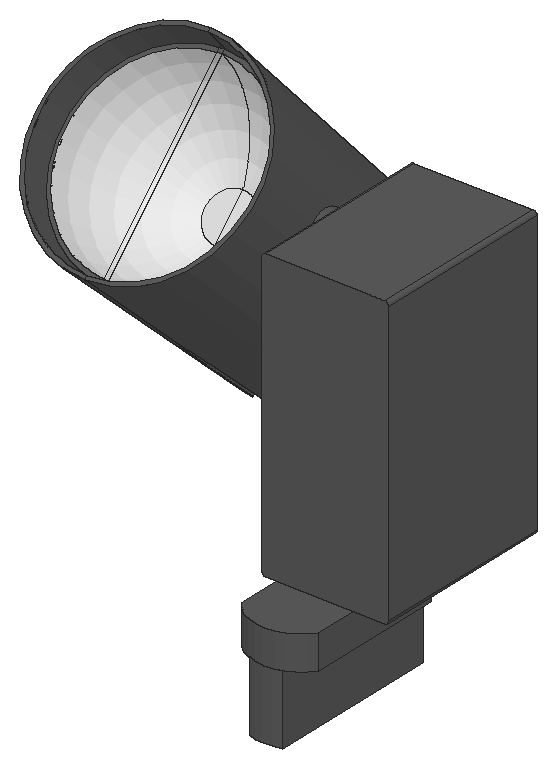
Revit family "0004888 Feilo Sylvania Lighting Fixture START TRACK SPOT S 24W 3K RA90 WB BLACK", category Lighting Fixtures, host Face, Revit 2017 (continued)
Definition of nested family "Start Track Spot Head"
  Types (96, lengths in mm): name | Wattage | built-in parameter 1150134 | Photometric Web File | Model | built-in parameter 1150105 | Lumens | built-in parameter 1150107 | built-in parameter 1150106 | HeadThickness_FEILO | HeadRibOffset_FEILO | HeadRibDepth_FEILO | HeadRibCutWidth_FEILO | HeadRibCutOffset_FEILO | HeadReflectorRadius_FEILO | HeadReflectorOffset_FEILO | HeadLEDRadius_FEILO | HeadHeight_FEILO | HeadDiffusorOffset_FEILO | HeadDiaOut_FEILO | HeadDiaIn_FEILO | HeadAxisFromTop_FEILO | Emit from Circle Diameter | built-in parameter 1150104 | Description | Apparent Load
    0004864 START TRACK SPOT S 24W 3K RA90 WB WHITE | 24 W | (empty or 0) | "0004864.ies" | "START TRACK SPOT S 24W 3K RA90 WB WHITE" | 152.79 (stored number, unit not read) | 1920 lm | 3000 (stored number, unit not read) | 1.5279 (stored number, unit not read) | 1.5 | 4.179 | 55.714 | 7.167 | 50.87 | 50.588 | 55.714 | 9.556 | 117 | 9.435 | 86 | 77.477 | 69.354 | 77.477 | 7.4322 (stored number, unit not read) | "Integrated LED spotlight, Textured White - RAL9016, compact and minimalist design, ideal for retail applications, die-cast aluminium body, passive cooling heatsink. Beam angle: 64°, color temperature: 3000K , total system power: 24W, total fixture output: 1928 lm, LOR: 100%, colour rendering: Ra: 90 typical, LED Chromaticity: 3 step MacAdam ellipse, lifetime: >50000 hours at L70B50, energy class: A++, A+, A, IR/UV free light source without heat radiation, operating voltage: 220-240V / 50-60Hz, drive current: 600mA, electronic driver, non-dimmable, power factor: 0.95, electrical protection: Class II, Global Track 3 Phase adapter suitable for Global trac 3-circuit tracks, ingress protection rating: IP20, suitable for internal environment only, horizontal rotation: 355°, vertical tilt: 90°, dimensions: Ø86x140x200, weight: 0.966kg." | 24 VA
    0004863 START TRACK SPOT S 24W 3K RA90 MB WHITE | 24 W | (empty or 0) | "0004863.ies" | "START TRACK SPOT S 24W 3K RA90 MB WHITE" | 154.7 (stored number, unit not read) | 1944 lm | 3000 (stored number, unit not read) | 1.547 (stored number, unit not read) | 1.5 | 4.179 | 55.714 | 7.167 | 50.87 | 50.588 | 55.714 | 9.556 | 117 | 9.435 | 86 | 77.477 | 69.354 | 77.477 | 7.5251 (stored number, unit not read) | "Integrated LED spotlight, Textured White - RAL9016, compact and minimalist design, ideal for retail applications, die-cast aluminium body, passive cooling heatsink. Beam angle: 36°, color temperature: 3000K , total system power: 24W, total fixture output: 1944 lm, LOR: 100%, colour rendering: Ra: 90 typical, LED Chromaticity: 3 step MacAdam ellipse, lifetime: >50000 hours at L70B50, energy class: A++, A+, A, IR/UV free light source without heat radiation, operating voltage: 220-240V / 50-60Hz, drive current: 600mA, electronic driver, non-dimmable, power factor: 0.95, electrical protection: Class II, Global Track 3 Phase adapter suitable for Global trac 3-circuit tracks, ingress protection rating: IP20, suitable for internal environment only, horizontal rotation: 355°, vertical tilt: 90°, dimensions: Ø86x140x200, weight: 0.966kg." | 24 VA
    0004862 START TRACK SPOT S 24W 3K RA90 NB WHITE | 24 W | (empty or 0) | "0004862.ies" | "START TRACK SPOT S 24W 3K RA90 NB WHITE" | 158.52 (stored number, unit not read) | 1992 lm | 3000 (stored number, unit not read) | 1.5852 (stored number, unit not read) | 1.5 | 4.179 | 55.714 | 7.167 | 50.87 | 50.588 | 55.714 | 9.556 | 117 | 9.435 | 86 | 77.477 | 69.354 | 77.477 | 7.711 (stored number, unit not read) | "Integrated LED spotlight, Textured White - RAL9016, compact and minimalist design, ideal for retail applications, die-cast aluminium body, passive cooling heatsink. Beam angle: 12°, color temperature: 3000K , total system power: 24W, total fixture output: 1987 lm, LOR: 100%, colour rendering: Ra: 90 typical, LED Chromaticity: 3 step MacAdam ellipse, lifetime: >50000 hours at L70B50, energy class: A++, A+, A, IR/UV free light source without heat radiation, operating voltage: 220-240V / 50-60Hz, drive current: 600mA, electronic driver, non-dimmable, power factor: 0.95, electrical protection: Class II, Global Track 3 Phase adapter suitable for Global trac 3-circuit tracks, ingress protection rating: IP20, suitable for internal environment only, horizontal rotation: 355°, vertical tilt: 90°, dimensions: Ø86x140x200, weight: 0.966kg." | 24 VA
    0004861 START TRACK SPOT S 14W 3K RA90 WB WHITE | 14 W | (empty or 0) | "0004861.ies" | "START TRACK SPOT S 14W 3K RA90 WB WHITE" | 100.27 (stored number, unit not read) | 1260 lm | 3000 (stored number, unit not read) | 1.0027 (stored number, unit not read) | 1.5 | 4.179 | 55.714 | 7.167 | 50.87 | 50.588 | 55.714 | 9.556 | 117 | 9.435 | 86 | 77.477 | 69.354 | 77.477 | 8.3613 (stored number, unit not read) | "Integrated LED spotlight, Textured White - RAL9016, compact and minimalist design, ideal for retail applications, die-cast aluminium body, passive cooling heatsink. Beam angle: 64°, color temperature: 3000K , total system power: 14W, total fixture output: 1262 lm, LOR: 100%, colour rendering: Ra: 90 typical, LED Chromaticity: 3 step MacAdam ellipse, lifetime: >50000 hours at L70B50, energy class: A++, A+, A, IR/UV free light source without heat radiation, operating voltage: 220-240V / 50-60Hz, drive current: 350mA, electronic driver, non-dimmable, power factor: 0.92, electrical protection: Class II, Global Track 3 Phase adapter suitable for Global trac 3-circuit tracks, ingress protection rating: IP20, suitable for internal environment only, horizontal rotation: 355°, vertical tilt: 90°, dimensions: Ø86x140x200, weight: 0.940kg." | 14 VA
    0004860 START TRACK SPOT S 14W 3K RA90 MB WHITE | 14 W | (empty or 0) | "0004860.ies" | "START TRACK SPOT S 14W 3K RA90 MB WHITE" | 100.27 (stored number, unit not read) | 1260 lm | 3000 (stored number, unit not read) | 1.0027 (stored number, unit not read) | 1.5 | 4.179 | 55.714 | 7.167 | 50.87 | 50.588 | 55.714 | 9.556 | 117 | 9.435 | 86 | 77.477 | 69.354 | 77.477 | 8.3613 (stored number, unit not read) | "Integrated LED spotlight, Textured White - RAL9016, compact and minimalist design, ideal for retail applications, die-cast aluminium body, passive cooling heatsink. Beam angle: 36°, color temperature: 3000K , total system power: 14W, total fixture output: 1262 lm, LOR: 100%, colour rendering: Ra: 90 typical, LED Chromaticity: 3 step MacAdam ellipse, lifetime: >50000 hours at L70B50, energy class: A++, A+, A, IR/UV free light source without heat radiation, operating voltage: 220-240V / 50-60Hz, drive current: 350mA, electronic driver, non-dimmable, power factor: 0.92, electrical protection: Class II, Global Track 3 Phase adapter suitable for Global trac 3-circuit tracks, ingress protection rating: IP20, suitable for internal environment only, horizontal rotation: 355°, vertical tilt: 90°, dimensions: Ø86x140x200, weight: 0.940kg." | 14 VA
    0004859 START TRACK SPOT S 14W 3K RA90 NB WHITE | 14 W | (empty or 0) | "0004859.ies" | "START TRACK SPOT S 14W 3K RA90 NB WHITE" | 102.5 (stored number, unit not read) | 1288 lm | 3000 (stored number, unit not read) | 1.025 (stored number, unit not read) | 1.5 | 4.179 | 55.714 | 7.167 | 50.87 | 50.588 | 55.714 | 9.556 | 117 | 9.435 | 86 | 77.477 | 69.354 | 77.477 | 8.5471 (stored number, unit not read) | "Integrated LED spotlight, Textured White - RAL9016, compact and minimalist design, ideal for retail applications, die-cast aluminium body, passive cooling heatsink. Beam angle: 12°, color temperature: 3000K , total system power: 14W, total fixture output: 1284 lm, LOR: 100%, colour rendering: Ra: 90 typical, LED Chromaticity: 3 step MacAdam ellipse, lifetime: >50000 hours at L70B50, energy class: A++, A+, A, IR/UV free light source without heat radiation, operating voltage: 220-240V / 50-60Hz, drive current: 350mA, electronic driver, non-dimmable, power factor: 0.92, electrical protection: Class II, Global Track 3 Phase adapter suitable for Global trac 3-circuit tracks, ingress protection rating: IP20, suitable for internal environment only, horizontal rotation: 355°, vertical tilt: 90°, dimensions: Ø86x140x200, weight: 0.940kg." | 14 VA
    0004858 START TRACK SPOT L 55W 4K RA80 WB BLACK | 55 W | 12 | "0004858.ies" | "START TRACK SPOT L 55W 4K RA80 WB BLACK" | 424.55 (stored number, unit not read) | 5335 lm | 4000 (stored number, unit not read) | 4.2455 (stored number, unit not read) | 2 | 4.429 | 59.048 | 9.417 | 53.913 | 66.471 | 59.048 | 12.556 | 124 | 10 | 113 | 101.802 | 73.503 | 101.802 | 9.0116 (stored number, unit not read) | "Integrated LED spotlight, Textured Black - RAL9005, compact and minimalist design, ideal for retail applications, die-cast aluminium body, passive cooling heatsink. Beam angle: 52°, color temperature: 4000K , total system power: 55W, total fixture output: 5320 lm, LOR: 100%, colour rendering: Ra: 80 typical, LED Chromaticity: 3 step MacAdam ellipse, lifetime: >50000 hours at L70B50, energy class: A++, A+, A, IR/UV free light source without heat radiation, operating voltage: 220-240V / 50-60Hz, drive current: 1400mA, electronic driver, non-dimmable, power factor: 0.96, electrical protection: Class II, Global Track 3 Phase adapter suitable for Global trac 3-circuit tracks, ingress protection rating: IP20, suitable for internal environment only, horizontal rotation: 355°, vertical tilt: 90°, dimensions: Ø113x164x240, weight: 1.398kg." | 55 VA
    0004857 START TRACK SPOT L 55W 4K RA80 MB BLACK | 55 W | 12 | "0004857.ies" | "START TRACK SPOT L 55W 4K RA80 MB BLACK" | 428.92 (stored number, unit not read) | 5390 lm | 4000 (stored number, unit not read) | 4.2892 (stored number, unit not read) | 2 | 4.429 | 59.048 | 9.417 | 53.913 | 66.471 | 59.048 | 12.556 | 124 | 10 | 113 | 101.802 | 73.503 | 101.802 | 9.1045 (stored number, unit not read) | "Integrated LED spotlight, Textured Black - RAL9005, compact and minimalist design, ideal for retail applications, die-cast aluminium body, passive cooling heatsink. Beam angle: 38°, color temperature: 4000K , total system power: 55W, total fixture output: 5378 lm, LOR: 100%, colour rendering: Ra: 80 typical, LED Chromaticity: 3 step MacAdam ellipse, lifetime: >50000 hours at L70B50, energy class: A++, A+, A, IR/UV free light source without heat radiation, operating voltage: 220-240V / 50-60Hz, drive current: 1400mA, electronic driver, non-dimmable, power factor: 0.96, electrical protection: Class II, Global Track 3 Phase adapter suitable for Global trac 3-circuit tracks, ingress protection rating: IP20, suitable for internal environment only, horizontal rotation: 355°, vertical tilt: 90°, dimensions: Ø113x164x240, weight: 1.398kg." | 55 VA
    0004856 START TRACK SPOT L 55W 4K RA80 NB BLACK | 55 W | 12 | "0004856.ies" | "START TRACK SPOT L 55W 4K RA80 NB BLACK" | 433.3 (stored number, unit not read) | 5445 lm | 4000 (stored number, unit not read) | 4.333 (stored number, unit not read) | 2 | 4.429 | 59.048 | 9.417 | 53.913 | 66.471 | 59.048 | 12.556 | 124 | 10 | 113 | 101.802 | 73.503 | 101.802 | 9.1974 (stored number, unit not read) | "Integrated LED spotlight, Textured Black - RAL9005, compact and minimalist design, ideal for retail applications, die-cast aluminium body, passive cooling heatsink. Beam angle: 15°, color temperature: 4000K , total system power: 55W, total fixture output: 5426 lm, LOR: 100%, colour rendering: Ra: 80 typical, LED Chromaticity: 3 step MacAdam ellipse, lifetime: >50000 hours at L70B50, energy class: A++, A+, A, IR/UV free light source without heat radiation, operating voltage: 220-240V / 50-60Hz, drive current: 1400mA, electronic driver, non-dimmable, power factor: 0.96, electrical protection: Class II, Global Track 3 Phase adapter suitable for Global trac 3-circuit tracks, ingress protection rating: IP20, suitable for internal environment only, horizontal rotation: 355°, vertical tilt: 90°, dimensions: Ø113x164x240, weight: 1.398kg." | 55 VA
    0004855 START TRACK SPOT L 35W 4K RA80 WB BLACK | 35 W | 12 | "0004855.ies" | "START TRACK SPOT L 35W 4K RA80 WB BLACK" | 320.3 (stored number, unit not read) | 4025 lm | 4000 (stored number, unit not read) | 3.203 (stored number, unit not read) | 2 | 4.429 | 59.048 | 9.417 | 53.913 | 66.471 | 59.048 | 12.556 | 124 | 10 | 113 | 101.802 | 73.503 | 101.802 | 10.684 (stored number, unit not read) | "Integrated LED spotlight, Textured Black - RAL9005, compact and minimalist design, ideal for retail applications, die-cast aluminium body, passive cooling heatsink. Beam angle: 52°, color temperature: 4000K , total system power: 35W, total fixture output: 4010 lm, LOR: 100%, colour rendering: Ra: 80 typical, LED Chromaticity: 3 step MacAdam ellipse, lifetime: >50000 hours at L70B50, energy class: A++, A+, A, IR/UV free light source without heat radiation, operating voltage: 220-240V / 50-60Hz, drive current: 900mA, electronic driver, non-dimmable, power factor: 0.93, electrical protection: Class II, Global Track 3 Phase adapter suitable for Global trac 3-circuit tracks, ingress protection rating: IP20, suitable for internal environment only, horizontal rotation: 355°, vertical tilt: 90°, dimensions: Ø113x164x240, weight: 1.368kg." | 35 VA
    0004854 START TRACK SPOT L 35W 4K RA80 MB BLACK | 35 W | 12 | "0004854.ies" | "START TRACK SPOT L 35W 4K RA80 MB BLACK" | 320.3 (stored number, unit not read) | 4025 lm | 4000 (stored number, unit not read) | 3.203 (stored number, unit not read) | 2 | 4.429 | 59.048 | 9.417 | 53.913 | 66.471 | 59.048 | 12.556 | 124 | 10 | 113 | 101.802 | 73.503 | 101.802 | 10.684 (stored number, unit not read) | "Integrated LED spotlight, Textured Black - RAL9005, compact and minimalist design, ideal for retail applications, die-cast aluminium body, passive cooling heatsink. Beam angle: 38°, color temperature: 4000K , total system power: 35W, total fixture output: 4017 lm, LOR: 100%, colour rendering: Ra: 80 typical, LED Chromaticity: 3 step MacAdam ellipse, lifetime: >50000 hours at L70B50, energy class: A++, A+, A, IR/UV free light source without heat radiation, operating voltage: 220-240V / 50-60Hz, drive current: 900mA, electronic driver, non-dimmable, power factor: 0.93, electrical protection: Class II, Global Track 3 Phase adapter suitable for Global trac 3-circuit tracks, ingress protection rating: IP20, suitable for internal environment only, horizontal rotation: 355°, vertical tilt: 90°, dimensions: Ø113x164x240, weight: 1.368kg." | 35 VA
    0004853 START TRACK SPOT L 35W 4K RA80 NB BLACK | 35 W | 12 | "0004853.ies" | "START TRACK SPOT L 35W 4K RA80 NB BLACK" | 331.44 (stored number, unit not read) | 4165 lm | 4000 (stored number, unit not read) | 3.3144 (stored number, unit not read) | 2 | 4.429 | 59.048 | 9.417 | 53.913 | 66.471 | 59.048 | 12.556 | 124 | 10 | 113 | 101.802 | 73.503 | 101.802 | 11.055 (stored number, unit not read) | "Integrated LED spotlight, Textured Black - RAL9005, compact and minimalist design, ideal for retail applications, die-cast aluminium body, passive cooling heatsink. Beam angle: 15°, color temperature: 4000K , total system power: 35W, total fixture output: 4174 lm, LOR: 100%, colour rendering: Ra: 80 typical, LED Chromaticity: 3 step MacAdam ellipse, lifetime: >50000 hours at L70B50, energy class: A++, A+, A, IR/UV free light source without heat radiation, operating voltage: 220-240V / 50-60Hz, drive current: 900mA, electronic driver, non-dimmable, power factor: 0.93, electrical protection: Class II, Global Track 3 Phase adapter suitable for Global trac 3-circuit tracks, ingress protection rating: IP20, suitable for internal environment only, horizontal rotation: 355°, vertical tilt: 90°, dimensions: Ø113x164x240, weight: 1.368kg." | 35 VA
    0004852 START TRACK SPOT S 24W 4K RA80 WB BLACK | 24 W | 12 | "0004852.ies" | "START TRACK SPOT S 24W 4K RA80 WB BLACK" | 196.72 (stored number, unit not read) | 2472 lm | 4000 (stored number, unit not read) | 1.9672 (stored number, unit not read) | 1.5 | 4.179 | 55.714 | 7.167 | 50.87 | 50.588 | 55.714 | 9.556 | 117 | 9.435 | 86 | 77.477 | 69.354 | 77.477 | 9.569 (stored number, unit not read) | "Integrated LED spotlight, Textured Black - RAL9005, compact and minimalist design, ideal for retail applications, die-cast aluminium body, passive cooling heatsink. Beam angle: 64°, color temperature: 4000K , total system power: 24W, total fixture output: 2476 lm, LOR: 100%, colour rendering: Ra: 80 typical, LED Chromaticity: 3 step MacAdam ellipse, lifetime: >50000 hours at L70B50, energy class: A++, A+, A, IR/UV free light source without heat radiation, operating voltage: 220-240V / 50-60Hz, drive current: 600mA, electronic driver, non-dimmable, power factor: 0.95, electrical protection: Class II, Global Track 3 Phase adapter suitable for Global trac 3-circuit tracks, ingress protection rating: IP20, suitable for internal environment only, horizontal rotation: 355°, vertical tilt: 90°, dimensions: Ø86x140x200, weight: 0.966kg." | 24 VA
    0004851 START TRACK SPOT S 24W 4K RA80 MB BLACK | 24 W | 12 | "0004851.ies" | "START TRACK SPOT S 24W 4K RA80 MB BLACK" | 198.63 (stored number, unit not read) | 2496 lm | 4000 (stored number, unit not read) | 1.9863 (stored number, unit not read) | 1.5 | 4.179 | 55.714 | 7.167 | 50.87 | 50.588 | 55.714 | 9.556 | 117 | 9.435 | 86 | 77.477 | 69.354 | 77.477 | 9.6619 (stored number, unit not read) | "Integrated LED spotlight, Textured Black - RAL9005, compact and minimalist design, ideal for retail applications, die-cast aluminium body, passive cooling heatsink. Beam angle: 36°, color temperature: 4000K , total system power: 24W, total fixture output: 2487 lm, LOR: 100%, colour rendering: Ra: 80 typical, LED Chromaticity: 3 step MacAdam ellipse, lifetime: >50000 hours at L70B50, energy class: A++, A+, A, IR/UV free light source without heat radiation, operating voltage: 220-240V / 50-60Hz, drive current: 600mA, electronic driver, non-dimmable, power factor: 0.95, electrical protection: Class II, Global Track 3 Phase adapter suitable for Global trac 3-circuit tracks, ingress protection rating: IP20, suitable for internal environment only, horizontal rotation: 355°, vertical tilt: 90°, dimensions: Ø86x140x200, weight: 0.966kg." | 24 VA
    0004850 START TRACK SPOT S 24W 4K RA80 NB BLACK | 24 W | 12 | "0004850.ies" | "START TRACK SPOT S 24W 4K RA80 NB BLACK" | 200.54 (stored number, unit not read) | 2520 lm | 4000 (stored number, unit not read) | 2.0054 (stored number, unit not read) | 1.5 | 4.179 | 55.714 | 7.167 | 50.87 | 50.588 | 55.714 | 9.556 | 117 | 9.435 | 86 | 77.477 | 69.354 | 77.477 | 9.7548 (stored number, unit not read) | "Integrated LED spotlight, Textured Black - RAL9005, compact and minimalist design, ideal for retail applications, die-cast aluminium body, passive cooling heatsink. Beam angle: 12°, color temperature: 4000K , total system power: 24W, total fixture output: 2529 lm, LOR: 100%, colour rendering: Ra: 80 typical, LED Chromaticity: 3 step MacAdam ellipse, lifetime: >50000 hours at L70B50, energy class: A++, A+, A, IR/UV free light source without heat radiation, operating voltage: 220-240V / 50-60Hz, drive current: 600mA, electronic driver, non-dimmable, power factor: 0.95, electrical protection: Class II, Global Track 3 Phase adapter suitable for Global trac 3-circuit tracks, ingress protection rating: IP20, suitable for internal environment only, horizontal rotation: 355°, vertical tilt: 90°, dimensions: Ø86x140x200, weight: 0.966kg." | 24 VA
    0004849 START TRACK SPOT S 14W 4K RA80 WB BLACK | 14 W | 12 | "0004849.ies" | "START TRACK SPOT S 14W 4K RA80 WB BLACK" | 123.66 (stored number, unit not read) | 1554 lm | 4000 (stored number, unit not read) | 1.2366 (stored number, unit not read) | 1.5 | 4.179 | 55.714 | 7.167 | 50.87 | 50.588 | 55.714 | 9.556 | 117 | 9.435 | 86 | 77.477 | 69.354 | 77.477 | 10.312 (stored number, unit not read) | "Integrated LED spotlight, Textured Black - RAL9005, compact and minimalist design, ideal for retail applications, die-cast aluminium body, passive cooling heatsink. Beam angle: 64°, color temperature: 4000K , total system power: 14W, total fixture output: 1558 lm, LOR: 100%, colour rendering: Ra: 80 typical, LED Chromaticity: 3 step MacAdam ellipse, lifetime: >50000 hours at L70B50, energy class: A++, A+, A, IR/UV free light source without heat radiation, operating voltage: 220-240V / 50-60Hz, drive current: 350mA, electronic driver, non-dimmable, power factor: 0.92, electrical protection: Class II, Global Track 3 Phase adapter suitable for Global trac 3-circuit tracks, ingress protection rating: IP20, suitable for internal environment only, horizontal rotation: 355°, vertical tilt: 90°, dimensions: Ø86x140x200, weight: 0.940kg." | 14 VA
    0004848 START TRACK SPOT S 14W 4K RA80 MB BLACK | 14 W | 12 | "0004848.ies" | "START TRACK SPOT S 14W 4K RA80 MB BLACK" | 127.01 (stored number, unit not read) | 1596 lm | 4000 (stored number, unit not read) | 1.2701 (stored number, unit not read) | 1.5 | 4.179 | 55.714 | 7.167 | 50.87 | 50.588 | 55.714 | 9.556 | 117 | 9.435 | 86 | 77.477 | 69.354 | 77.477 | 10.591 (stored number, unit not read) | "Integrated LED spotlight, Textured Black - RAL9005, compact and minimalist design, ideal for retail applications, die-cast aluminium body, passive cooling heatsink. Beam angle: 36°, color temperature: 4000K , total system power: 14W, total fixture output: 1598 lm, LOR: 100%, colour rendering: Ra: 80 typical, LED Chromaticity: 3 step MacAdam ellipse, lifetime: >50000 hours at L70B50, energy class: A++, A+, A, IR/UV free light source without heat radiation, operating voltage: 220-240V / 50-60Hz, drive current: 350mA, electronic driver, non-dimmable, power factor: 0.92, electrical protection: Class II, Global Track 3 Phase adapter suitable for Global trac 3-circuit tracks, ingress protection rating: IP20, suitable for internal environment only, horizontal rotation: 355°, vertical tilt: 90°, dimensions: Ø86x140x200, weight: 0.940kg." | 14 VA
    0004847 START TRACK SPOT S 14W 4K RA80 NB BLACK | 14 W | 12 | "0004847.ies" | "START TRACK SPOT S 14W 4K RA80 NB BLACK" | 128.12 (stored number, unit not read) | 1610 lm | 4000 (stored number, unit not read) | 1.2812 (stored number, unit not read) | 1.5 | 4.179 | 55.714 | 7.167 | 50.87 | 50.588 | 55.714 | 9.556 | 117 | 9.435 | 86 | 77.477 | 69.354 | 77.477 | 10.684 (stored number, unit not read) | "Integrated LED spotlight, Textured Black - RAL9005, compact and minimalist design, ideal for retail applications, die-cast aluminium body, passive cooling heatsink. Beam angle: 12°, color temperature: 4000K , total system power: 14W, total fixture output: 1608 lm, LOR: 100%, colour rendering: Ra: 80 typical, LED Chromaticity: 3 step MacAdam ellipse, lifetime: >50000 hours at L70B50, energy class: A++, A+, A, IR/UV free light source without heat radiation, operating voltage: 220-240V / 50-60Hz, drive current: 350mA, electronic driver, non-dimmable, power factor: 0.92, electrical protection: Class II, Global Track 3 Phase adapter suitable for Global trac 3-circuit tracks, ingress protection rating: IP20, suitable for internal environment only, horizontal rotation: 355°, vertical tilt: 90°, dimensions: Ø86x140x200, weight: 0.940kg." | 14 VA
    0004846 START TRACK SPOT L 55W 3K RA80 WB BLACK | 55 W | (empty or 0) | "0004846.ies" | "START TRACK SPOT L 55W 3K RA80 WB BLACK" | 420.17 (stored number, unit not read) | 5280 lm | 3000 (stored number, unit not read) | 4.2017 (stored number, unit not read) | 2 | 4.429 | 59.048 | 9.417 | 53.913 | 66.471 | 59.048 | 12.556 | 124 | 10 | 113 | 101.802 | 73.503 | 101.802 | 8.9187 (stored number, unit not read) | "Integrated LED spotlight, Textured Black - RAL9005, compact and minimalist design, ideal for retail applications, die-cast aluminium body, passive cooling heatsink. Beam angle: 52°, color temperature: 3000K , total system power: 55W, total fixture output: 5298 lm, LOR: 100%, colour rendering: Ra: 80 typical, LED Chromaticity: 3 step MacAdam ellipse, lifetime: >50000 hours at L70B50, energy class: A++, A+, A, IR/UV free light source without heat radiation, operating voltage: 220-240V / 50-60Hz, drive current: 1400mA, electronic driver, non-dimmable, power factor: 0.96, electrical protection: Class II, Global Track 3 Phase adapter suitable for Global trac 3-circuit tracks, ingress protection rating: IP20, suitable for internal environment only, horizontal rotation: 355°, vertical tilt: 90°, dimensions: Ø113x164x240, weight: 1.398kg." | 55 VA
    0004845 START TRACK SPOT L 55W 3K RA80 MB BLACK | 55 W | (empty or 0) | "0004845.ies" | "START TRACK SPOT L 55W 3K RA80 MB BLACK" | 428.92 (stored number, unit not read) | 5390 lm | 3000 (stored number, unit not read) | 4.2892 (stored number, unit not read) | 2 | 4.429 | 59.048 | 9.417 | 53.913 | 66.471 | 59.048 | 12.556 | 124 | 10 | 113 | 101.802 | 73.503 | 101.802 | 9.1045 (stored number, unit not read) | "Integrated LED spotlight, Textured Black - RAL9005, compact and minimalist design, ideal for retail applications, die-cast aluminium body, passive cooling heatsink. Beam angle: 38°, color temperature: 3000K , total system power: 55W, total fixture output: 5381 lm, LOR: 100%, colour rendering: Ra: 80 typical, LED Chromaticity: 3 step MacAdam ellipse, lifetime: >50000 hours at L70B50, energy class: A++, A+, A, IR/UV free light source without heat radiation, operating voltage: 220-240V / 50-60Hz, drive current: 1400mA, electronic driver, non-dimmable, power factor: 0.96, electrical protection: Class II, Global Track 3 Phase adapter suitable for Global trac 3-circuit tracks, ingress protection rating: IP20, suitable for internal environment only, horizontal rotation: 355°, vertical tilt: 90°, dimensions: Ø113x164x240, weight: 1.398kg." | 55 VA
    0004844 START TRACK SPOT L 55W 3K RA80 NB BLACK | 55 W | (empty or 0) | "0004844.ies" | "START TRACK SPOT L 55W 3K RA80 NB BLACK" | 433.3 (stored number, unit not read) | 5445 lm | 3000 (stored number, unit not read) | 4.333 (stored number, unit not read) | 2 | 4.429 | 59.048 | 9.417 | 53.913 | 66.471 | 59.048 | 12.556 | 124 | 10 | 113 | 101.802 | 73.503 | 101.802 | 9.1974 (stored number, unit not read) | "Integrated LED spotlight, Textured Black - RAL9005, compact and minimalist design, ideal for retail applications, die-cast aluminium body, passive cooling heatsink. Beam angle: 15°, color temperature: 3000K , total system power: 55W, total fixture output: 5449 lm, LOR: 100%, colour rendering: Ra: 80 typical, LED Chromaticity: 3 step MacAdam ellipse, lifetime: >50000 hours at L70B50, energy class: A++, A+, A, IR/UV free light source without heat radiation, operating voltage: 220-240V / 50-60Hz, drive current: 1400mA, electronic driver, non-dimmable, power factor: 0.96, electrical protection: Class II, Global Track 3 Phase adapter suitable for Global trac 3-circuit tracks, ingress protection rating: IP20, suitable for internal environment only, horizontal rotation: 355°, vertical tilt: 90°, dimensions: Ø113x164x240, weight: 1.398kg." | 55 VA
    0004843 START TRACK SPOT L 35W 3K RA80 WB BLACK | 35 W | (empty or 0) | "0004843.ies" | "START TRACK SPOT L 35W 3K RA80 WB BLACK" | 314.73 (stored number, unit not read) | 3955 lm | 3000 (stored number, unit not read) | 3.1473 (stored number, unit not read) | 2 | 4.429 | 59.048 | 9.417 | 53.913 | 66.471 | 59.048 | 12.556 | 124 | 10 | 113 | 101.802 | 73.503 | 101.802 | 10.498 (stored number, unit not read) | "Integrated LED spotlight, Textured Black - RAL9005, compact and minimalist design, ideal for retail applications, die-cast aluminium body, passive cooling heatsink. Beam angle: 52°, color temperature: 3000K , total system power: 35W, total fixture output: 3943 lm, LOR: 100%, colour rendering: Ra: 80 typical, LED Chromaticity: 3 step MacAdam ellipse, lifetime: >50000 hours at L70B50, energy class: A++, A+, A, IR/UV free light source without heat radiation, operating voltage: 220-240V / 50-60Hz, drive current: 900mA, electronic driver, non-dimmable, power factor: 0.93, electrical protection: Class II, Global Track 3 Phase adapter suitable for Global trac 3-circuit tracks, ingress protection rating: IP20, suitable for internal environment only, horizontal rotation: 355°, vertical tilt: 90°, dimensions: Ø113x164x240, weight: 1.368kg." | 35 VA
    0004842 START TRACK SPOT L 35W 3K RA80 MB BLACK | 35 W | (empty or 0) | "0004842.ies" | "START TRACK SPOT L 35W 3K RA80 MB BLACK" | 320.3 (stored number, unit not read) | 4025 lm | 3000 (stored number, unit not read) | 3.203 (stored number, unit not read) | 2 | 4.429 | 59.048 | 9.417 | 53.913 | 66.471 | 59.048 | 12.556 | 124 | 10 | 113 | 101.802 | 73.503 | 101.802 | 10.684 (stored number, unit not read) | "Integrated LED spotlight, Textured Black - RAL9005, compact and minimalist design, ideal for retail applications, die-cast aluminium body, passive cooling heatsink. Beam angle: 38°, color temperature: 3000K , total system power: 35W, total fixture output: 4008 lm, LOR: 100%, colour rendering: Ra: 80 typical, LED Chromaticity: 3 step MacAdam ellipse, lifetime: >50000 hours at L70B50, energy class: A++, A+, A, IR/UV free light source without heat radiation, operating voltage: 220-240V / 50-60Hz, drive current: 900mA, electronic driver, non-dimmable, power factor: 0.93, electrical protection: Class II, Global Track 3 Phase adapter suitable for Global trac 3-circuit tracks, ingress protection rating: IP20, suitable for internal environment only, horizontal rotation: 355°, vertical tilt: 90°, dimensions: Ø113x164x240, weight: 1.368kg." | 35 VA
    0004841 START TRACK SPOT L 35W 3K RA80 NB BLACK | 35 W | (empty or 0) | "0004841.ies" | "START TRACK SPOT L 35W 3K RA80 NB BLACK" | 317.51 (stored number, unit not read) | 3990 lm | 3000 (stored number, unit not read) | 3.1751 (stored number, unit not read) | 2 | 4.429 | 59.048 | 9.417 | 53.913 | 66.471 | 59.048 | 12.556 | 124 | 10 | 113 | 101.802 | 73.503 | 101.802 | 10.591 (stored number, unit not read) | "Integrated LED spotlight, Textured Black - RAL9005, compact and minimalist design, ideal for retail applications, die-cast aluminium body, passive cooling heatsink. Beam angle: 15°, color temperature: 3000K , total system power: 35W, total fixture output: 4005 lm, LOR: 100%, colour rendering: Ra: 80 typical, LED Chromaticity: 3 step MacAdam ellipse, lifetime: >50000 hours at L70B50, energy class: A++, A+, A, IR/UV free light source without heat radiation, operating voltage: 220-240V / 50-60Hz, drive current: 900mA, electronic driver, non-dimmable, power factor: 0.93, electrical protection: Class II, Global Track 3 Phase adapter suitable for Global trac 3-circuit tracks, ingress protection rating: IP20, suitable for internal environment only, horizontal rotation: 355°, vertical tilt: 90°, dimensions: Ø113x164x240, weight: 1.368kg." | 35 VA
    0004840 START TRACK SPOT S 24W 3K RA80 WB BLACK | 24 W | (empty or 0) | "0004840.ies" | "START TRACK SPOT S 24W 3K RA80 WB BLACK" | 185.26 (stored number, unit not read) | 2328 lm | 3000 (stored number, unit not read) | 1.8526 (stored number, unit not read) | 1.5 | 4.179 | 55.714 | 7.167 | 50.87 | 50.588 | 55.714 | 9.556 | 117 | 9.435 | 86 | 77.477 | 69.354 | 77.477 | 9.0116 (stored number, unit not read) | "Integrated LED spotlight, Textured Black - RAL9005, compact and minimalist design, ideal for retail applications, die-cast aluminium body, passive cooling heatsink. Beam angle: 64°, color temperature: 3000K , total system power: 24W, total fixture output: 2318 lm, LOR: 100%, colour rendering: Ra: 80 typical, LED Chromaticity: 3 step MacAdam ellipse, lifetime: >50000 hours at L70B50, energy class: A++, A+, A, IR/UV free light source without heat radiation, operating voltage: 220-240V / 50-60Hz, drive current: 600mA, electronic driver, non-dimmable, power factor: 0.95, electrical protection: Class II, Global Track 3 Phase adapter suitable for Global trac 3-circuit tracks, ingress protection rating: IP20, suitable for internal environment only, horizontal rotation: 355°, vertical tilt: 90°, dimensions: Ø86x140x200, weight: 0.966kg." | 24 VA
    0004839 START TRACK SPOT S 24W 3K RA80 MB BLACK | 24 W | (empty or 0) | "0004839.ies" | "START TRACK SPOT S 24W 3K RA80 MB BLACK" | 183.35 (stored number, unit not read) | 2304 lm | 3000 (stored number, unit not read) | 1.8335 (stored number, unit not read) | 1.5 | 4.179 | 55.714 | 7.167 | 50.87 | 50.588 | 55.714 | 9.556 | 117 | 9.435 | 86 | 77.477 | 69.354 | 77.477 | 8.9187 (stored number, unit not read) | "Integrated LED spotlight, Textured Black - RAL9005, compact and minimalist design, ideal for retail applications, die-cast aluminium body, passive cooling heatsink. Beam angle: 36°, color temperature: 3000K , total system power: 24W, total fixture output: 2314 lm, LOR: 100%, colour rendering: Ra: 80 typical, LED Chromaticity: 3 step MacAdam ellipse, lifetime: >50000 hours at L70B50, energy class: A++, A+, A, IR/UV free light source without heat radiation, operating voltage: 220-240V / 50-60Hz, drive current: 600mA, electronic driver, non-dimmable, power factor: 0.95, electrical protection: Class II, Global Track 3 Phase adapter suitable for Global trac 3-circuit tracks, ingress protection rating: IP20, suitable for internal environment only, horizontal rotation: 355°, vertical tilt: 90°, dimensions: Ø86x140x200, weight: 0.966kg." | 24 VA
    0004838 START TRACK SPOT S 24W 3K RA80 NB BLACK | 24 W | (empty or 0) | "0004838.ies" | "START TRACK SPOT S 24W 3K RA80 NB BLACK" | 185.26 (stored number, unit not read) | 2328 lm | 3000 (stored number, unit not read) | 1.8526 (stored number, unit not read) | 1.5 | 4.179 | 55.714 | 7.167 | 50.87 | 50.588 | 55.714 | 9.556 | 117 | 9.435 | 86 | 77.477 | 69.354 | 77.477 | 9.0116 (stored number, unit not read) | "Integrated LED spotlight, Textured Black - RAL9005, compact and minimalist design, ideal for retail applications, die-cast aluminium body, passive cooling heatsink. Beam angle: 12°, color temperature: 3000K , total system power: 24W, total fixture output: 2334 lm, LOR: 100%, colour rendering: Ra: 80 typical, LED Chromaticity: 3 step MacAdam ellipse, lifetime: >50000 hours at L70B50, energy class: A++, A+, A, IR/UV free light source without heat radiation, operating voltage: 220-240V / 50-60Hz, drive current: 600mA, electronic driver, non-dimmable, power factor: 0.95, electrical protection: Class II, Global Track 3 Phase adapter suitable for Global trac 3-circuit tracks, ingress protection rating: IP20, suitable for internal environment only, horizontal rotation: 355°, vertical tilt: 90°, dimensions: Ø86x140x200, weight: 0.966kg." | 24 VA
    0004837 START TRACK SPOT S 14W 3K RA80 WB BLACK | 14 W | (empty or 0) | "0004837.ies" | "START TRACK SPOT S 14W 3K RA80 WB BLACK" | 119.21 (stored number, unit not read) | 1498 lm | 3000 (stored number, unit not read) | 1.1921 (stored number, unit not read) | 1.5 | 4.179 | 55.714 | 7.167 | 50.87 | 50.588 | 55.714 | 9.556 | 117 | 9.435 | 86 | 77.477 | 69.354 | 77.477 | 9.9406 (stored number, unit not read) | "Integrated LED spotlight, Textured Black - RAL9005, compact and minimalist design, ideal for retail applications, die-cast aluminium body, passive cooling heatsink. Beam angle: 64°, color temperature: 3000K , total system power: 14W, total fixture output: 1498 lm, LOR: 100%, colour rendering: Ra: 80 typical, LED Chromaticity: 3 step MacAdam ellipse, lifetime: >50000 hours at L70B50, energy class: A++, A+, A, IR/UV free light source without heat radiation, operating voltage: 220-240V / 50-60Hz, drive current: 350mA, electronic driver, non-dimmable, power factor: 0.92, electrical protection: Class II, Global Track 3 Phase adapter suitable for Global trac 3-circuit tracks, ingress protection rating: IP20, suitable for internal environment only, horizontal rotation: 355°, vertical tilt: 90°, dimensions: Ø86x140x200, weight: 0.940kg." | 14 VA
    0004836 START TRACK SPOT S 14W 3K RA80 MB BLACK | 14 W | (empty or 0) | "0004836.ies" | "START TRACK SPOT S 14W 3K RA80 MB BLACK" | 120.32 (stored number, unit not read) | 1512 lm | 3000 (stored number, unit not read) | 1.2032 (stored number, unit not read) | 1.5 | 4.179 | 55.714 | 7.167 | 50.87 | 50.588 | 55.714 | 9.556 | 117 | 9.435 | 86 | 77.477 | 69.354 | 77.477 | 10.034 (stored number, unit not read) | "Integrated LED spotlight, Textured Black - RAL9005, compact and minimalist design, ideal for retail applications, die-cast aluminium body, passive cooling heatsink. Beam angle: 36°, color temperature: 3000K , total system power: 14W, total fixture output: 1508 lm, LOR: 100%, colour rendering: Ra: 80 typical, LED Chromaticity: 3 step MacAdam ellipse, lifetime: >50000 hours at L70B50, energy class: A++, A+, A, IR/UV free light source without heat radiation, operating voltage: 220-240V / 50-60Hz, drive current: 350mA, electronic driver, non-dimmable, power factor: 0.92, electrical protection: Class II, Global Track 3 Phase adapter suitable for Global trac 3-circuit tracks, ingress protection rating: IP20, suitable for internal environment only, horizontal rotation: 355°, vertical tilt: 90°, dimensions: Ø86x140x200, weight: 0.940kg." | 14 VA
    0004835 START TRACK SPOT S 14W 3K RA80 NB BLACK | 14 W | (empty or 0) | "0004835.ies" | "START TRACK SPOT S 14W 3K RA80 NB BLACK" | 123.66 (stored number, unit not read) | 1554 lm | 3000 (stored number, unit not read) | 1.2366 (stored number, unit not read) | 1.5 | 4.179 | 55.714 | 7.167 | 50.87 | 50.588 | 55.714 | 9.556 | 117 | 9.435 | 86 | 77.477 | 69.354 | 77.477 | 10.312 (stored number, unit not read) | "Integrated LED spotlight, Textured Black - RAL9005, compact and minimalist design, ideal for retail applications, die-cast aluminium body, passive cooling heatsink. Beam angle: 12°, color temperature: 3000K , total system power: 14W, total fixture output: 1551 lm, LOR: 100%, colour rendering: Ra: 80 typical, LED Chromaticity: 3 step MacAdam ellipse, lifetime: >50000 hours at L70B50, energy class: A++, A+, A, IR/UV free light source without heat radiation, operating voltage: 220-240V / 50-60Hz, drive current: 350mA, electronic driver, non-dimmable, power factor: 0.92, electrical protection: Class II, Global Track 3 Phase adapter suitable for Global trac 3-circuit tracks, ingress protection rating: IP20, suitable for internal environment only, horizontal rotation: 355°, vertical tilt: 90°, dimensions: Ø86x140x200, weight: 0.940kg." | 14 VA
    0004834 START TRACK SPOT L 55W 4K RA80 WB WHITE | 55 W | 12 | "0004834.ies" | "START TRACK SPOT L 55W 4K RA80 WB WHITE" | 424.55 (stored number, unit not read) | 5335 lm | 4000 (stored number, unit not read) | 4.2455 (stored number, unit not read) | 2 | 4.429 | 59.048 | 9.417 | 53.913 | 66.471 | 59.048 | 12.556 | 124 | 10 | 113 | 101.802 | 73.503 | 101.802 | 9.0116 (stored number, unit not read) | "Integrated LED spotlight, Textured White - RAL9016, compact and minimalist design, ideal for retail applications, die-cast aluminium body, passive cooling heatsink. Beam angle: 52°, color temperature: 4000K , total system power: 55W, total fixture output: 5320 lm, LOR: 100%, colour rendering: Ra: 80 typical, LED Chromaticity: 3 step MacAdam ellipse, lifetime: >50000 hours at L70B50, energy class: A++, A+, A, IR/UV free light source without heat radiation, operating voltage: 220-240V / 50-60Hz, drive current: 1400mA, electronic driver, non-dimmable, power factor: 0.96, electrical protection: Class II, Global Track 3 Phase adapter suitable for Global trac 3-circuit tracks, ingress protection rating: IP20, suitable for internal environment only, horizontal rotation: 355°, vertical tilt: 90°, dimensions: Ø113x164x240, weight: 1.398kg." | 55 VA
    0004833 START TRACK SPOT L 55W 4K RA80 MB WHITE | 55 W | 12 | "0004833.ies" | "START TRACK SPOT L 55W 4K RA80 MB WHITE" | 428.92 (stored number, unit not read) | 5390 lm | 4000 (stored number, unit not read) | 4.2892 (stored number, unit not read) | 2 | 4.429 | 59.048 | 9.417 | 53.913 | 66.471 | 59.048 | 12.556 | 124 | 10 | 113 | 101.802 | 73.503 | 101.802 | 9.1045 (stored number, unit not read) | "Integrated LED spotlight, Textured White - RAL9016, compact and minimalist design, ideal for retail applications, die-cast aluminium body, passive cooling heatsink. Beam angle: 38°, color temperature: 4000K , total system power: 55W, total fixture output: 5378 lm, LOR: 100%, colour rendering: Ra: 80 typical, LED Chromaticity: 3 step MacAdam ellipse, lifetime: >50000 hours at L70B50, energy class: A++, A+, A, IR/UV free light source without heat radiation, operating voltage: 220-240V / 50-60Hz, drive current: 1400mA, electronic driver, non-dimmable, power factor: 0.96, electrical protection: Class II, Global Track 3 Phase adapter suitable for Global trac 3-circuit tracks, ingress protection rating: IP20, suitable for internal environment only, horizontal rotation: 355°, vertical tilt: 90°, dimensions: Ø113x164x240, weight: 1.398kg." | 55 VA
    0004832 START TRACK SPOT L 55W 4K RA80 NB WHITE | 55 W | 12 | "0004832.ies" | "START TRACK SPOT L 55W 4K RA80 NB WHITE" | 433.3 (stored number, unit not read) | 5445 lm | 4000 (stored number, unit not read) | 4.333 (stored number, unit not read) | 2 | 4.429 | 59.048 | 9.417 | 53.913 | 66.471 | 59.048 | 12.556 | 124 | 10 | 113 | 101.802 | 73.503 | 101.802 | 9.1974 (stored number, unit not read) | "Integrated LED spotlight, Textured White - RAL9016, compact and minimalist design, ideal for retail applications, die-cast aluminium body, passive cooling heatsink. Beam angle: 15°, color temperature: 4000K , total system power: 55W, total fixture output: 5426 lm, LOR: 100%, colour rendering: Ra: 80 typical, LED Chromaticity: 3 step MacAdam ellipse, lifetime: >50000 hours at L70B50, energy class: A++, A+, A, IR/UV free light source without heat radiation, operating voltage: 220-240V / 50-60Hz, drive current: 1400mA, electronic driver, non-dimmable, power factor: 0.96, electrical protection: Class II, Global Track 3 Phase adapter suitable for Global trac 3-circuit tracks, ingress protection rating: IP20, suitable for internal environment only, horizontal rotation: 355°, vertical tilt: 90°, dimensions: Ø113x164x240, weight: 1.398kg." | 55 VA
    0004831 START TRACK SPOT L 35W 4K RA80 WB WHITE | 35 W | 12 | "0004831.ies" | "START TRACK SPOT L 35W 4K RA80 WB WHITE" | 320.3 (stored number, unit not read) | 4025 lm | 4000 (stored number, unit not read) | 3.203 (stored number, unit not read) | 2 | 4.429 | 59.048 | 9.417 | 53.913 | 66.471 | 59.048 | 12.556 | 124 | 10 | 113 | 101.802 | 73.503 | 101.802 | 10.684 (stored number, unit not read) | "Integrated LED spotlight, Textured White - RAL9016, compact and minimalist design, ideal for retail applications, die-cast aluminium body, passive cooling heatsink. Beam angle: 52°, color temperature: 4000K , total system power: 35W, total fixture output: 4010 lm, LOR: 100%, colour rendering: Ra: 80 typical, LED Chromaticity: 3 step MacAdam ellipse, lifetime: >50000 hours at L70B50, energy class: A++, A+, A, IR/UV free light source without heat radiation, operating voltage: 220-240V / 50-60Hz, drive current: 900mA, electronic driver, non-dimmable, power factor: 0.93, electrical protection: Class II, Global Track 3 Phase adapter suitable for Global trac 3-circuit tracks, ingress protection rating: IP20, suitable for internal environment only, horizontal rotation: 355°, vertical tilt: 90°, dimensions: Ø113x164x240, weight: 1.368kg." | 35 VA
    0004830 START TRACK SPOT L 35W 4K RA80 MB WHITE | 35 W | 12 | "0004830.ies" | "START TRACK SPOT L 35W 4K RA80 MB WHITE" | 320.3 (stored number, unit not read) | 4025 lm | 4000 (stored number, unit not read) | 3.203 (stored number, unit not read) | 2 | 4.429 | 59.048 | 9.417 | 53.913 | 66.471 | 59.048 | 12.556 | 124 | 10 | 113 | 101.802 | 73.503 | 101.802 | 10.684 (stored number, unit not read) | "Integrated LED spotlight, Textured White - RAL9016, compact and minimalist design, ideal for retail applications, die-cast aluminium body, passive cooling heatsink. Beam angle: 38°, color temperature: 4000K , total system power: 35W, total fixture output: 4017 lm, LOR: 100%, colour rendering: Ra: 80 typical, LED Chromaticity: 3 step MacAdam ellipse, lifetime: >50000 hours at L70B50, energy class: A++, A+, A, IR/UV free light source without heat radiation, operating voltage: 220-240V / 50-60Hz, drive current: 900mA, electronic driver, non-dimmable, power factor: 0.93, electrical protection: Class II, Global Track 3 Phase adapter suitable for Global trac 3-circuit tracks, ingress protection rating: IP20, suitable for internal environment only, horizontal rotation: 355°, vertical tilt: 90°, dimensions: Ø113x164x240, weight: 1.368kg." | 35 VA
    0004829 START TRACK SPOT L 35W 4K RA80 NB WHITE | 35 W | 12 | "0004829.ies" | "START TRACK SPOT L 35W 4K RA80 NB WHITE" | 331.44 (stored number, unit not read) | 4165 lm | 4000 (stored number, unit not read) | 3.3144 (stored number, unit not read) | 2 | 4.429 | 59.048 | 9.417 | 53.913 | 66.471 | 59.048 | 12.556 | 124 | 10 | 113 | 101.802 | 73.503 | 101.802 | 11.055 (stored number, unit not read) | "Integrated LED spotlight, Textured White - RAL9016, compact and minimalist design, ideal for retail applications, die-cast aluminium body, passive cooling heatsink. Beam angle: 15°, color temperature: 4000K , total system power: 35W, total fixture output: 4174 lm, LOR: 100%, colour rendering: Ra: 80 typical, LED Chromaticity: 3 step MacAdam ellipse, lifetime: >50000 hours at L70B50, energy class: A++, A+, A, IR/UV free light source without heat radiation, operating voltage: 220-240V / 50-60Hz, drive current: 900mA, electronic driver, non-dimmable, power factor: 0.93, electrical protection: Class II, Global Track 3 Phase adapter suitable for Global trac 3-circuit tracks, ingress protection rating: IP20, suitable for internal environment only, horizontal rotation: 355°, vertical tilt: 90°, dimensions: Ø113x164x240, weight: 1.368kg." | 35 VA
    0004828 START TRACK SPOT S 24W 4K RA80 WB WHITE | 24 W | 12 | "0004828.ies" | "START TRACK SPOT S 24W 4K RA80 WB WHITE" | 196.72 (stored number, unit not read) | 2472 lm | 4000 (stored number, unit not read) | 1.9672 (stored number, unit not read) | 1.5 | 4.179 | 55.714 | 7.167 | 50.87 | 50.588 | 55.714 | 9.556 | 117 | 9.435 | 86 | 77.477 | 69.354 | 77.477 | 9.569 (stored number, unit not read) | "Integrated LED spotlight, Textured White - RAL9016, compact and minimalist design, ideal for retail applications, die-cast aluminium body, passive cooling heatsink. Beam angle: 64°, color temperature: 4000K , total system power: 24W, total fixture output: 2476 lm, LOR: 100%, colour rendering: Ra: 80 typical, LED Chromaticity: 3 step MacAdam ellipse, lifetime: >50000 hours at L70B50, energy class: A++, A+, A, IR/UV free light source without heat radiation, operating voltage: 220-240V / 50-60Hz, drive current: 600mA, electronic driver, non-dimmable, power factor: 0.95, electrical protection: Class II, Global Track 3 Phase adapter suitable for Global trac 3-circuit tracks, ingress protection rating: IP20, suitable for internal environment only, horizontal rotation: 355°, vertical tilt: 90°, dimensions: Ø86x140x200, weight: 0.966kg." | 24 VA
    0004827 START TRACK SPOT S 24W 4K RA80 MB WHITE | 24 W | 12 | "0004827.ies" | "START TRACK SPOT S 24W 4K RA80 MB WHITE" | 198.63 (stored number, unit not read) | 2496 lm | 4000 (stored number, unit not read) | 1.9863 (stored number, unit not read) | 1.5 | 4.179 | 55.714 | 7.167 | 50.87 | 50.588 | 55.714 | 9.556 | 117 | 9.435 | 86 | 77.477 | 69.354 | 77.477 | 9.6619 (stored number, unit not read) | "Integrated LED spotlight, Textured White - RAL9016, compact and minimalist design, ideal for retail applications, die-cast aluminium body, passive cooling heatsink. Beam angle: 36°, color temperature: 4000K , total system power: 24W, total fixture output: 2487 lm, LOR: 100%, colour rendering: Ra: 80 typical, LED Chromaticity: 3 step MacAdam ellipse, lifetime: >50000 hours at L70B50, energy class: A++, A+, A, IR/UV free light source without heat radiation, operating voltage: 220-240V / 50-60Hz, drive current: 600mA, electronic driver, non-dimmable, power factor: 0.95, electrical protection: Class II, Global Track 3 Phase adapter suitable for Global trac 3-circuit tracks, ingress protection rating: IP20, suitable for internal environment only, horizontal rotation: 355°, vertical tilt: 90°, dimensions: Ø86x140x200, weight: 0.966kg." | 24 VA
    0004826 START TRACK SPOT S 24W 4K RA80 NB WHITE | 24 W | 12 | "0004826.ies" | "START TRACK SPOT S 24W 4K RA80 NB WHITE" | 200.54 (stored number, unit not read) | 2520 lm | 4000 (stored number, unit not read) | 2.0054 (stored number, unit not read) | 1.5 | 4.179 | 55.714 | 7.167 | 50.87 | 50.588 | 55.714 | 9.556 | 117 | 9.435 | 86 | 77.477 | 69.354 | 77.477 | 9.7548 (stored number, unit not read) | "Integrated LED spotlight, Textured White - RAL9016, compact and minimalist design, ideal for retail applications, die-cast aluminium body, passive cooling heatsink. Beam angle: 12°, color temperature: 4000K , total system power: 24W, total fixture output: 2529 lm, LOR: 100%, colour rendering: Ra: 80 typical, LED Chromaticity: 3 step MacAdam ellipse, lifetime: >50000 hours at L70B50, energy class: A++, A+, A, IR/UV free light source without heat radiation, operating voltage: 220-240V / 50-60Hz, drive current: 600mA, electronic driver, non-dimmable, power factor: 0.95, electrical protection: Class II, Global Track 3 Phase adapter suitable for Global trac 3-circuit tracks, ingress protection rating: IP20, suitable for internal environment only, horizontal rotation: 355°, vertical tilt: 90°, dimensions: Ø86x140x200, weight: 0.966kg." | 24 VA
    0004825 START TRACK SPOT S 14W 4K RA80 WB WHITE | 14 W | 12 | "0004825.ies" | "START TRACK SPOT S 14W 4K RA80 WB WHITE" | 123.66 (stored number, unit not read) | 1554 lm | 4000 (stored number, unit not read) | 1.2366 (stored number, unit not read) | 1.5 | 4.179 | 55.714 | 7.167 | 50.87 | 50.588 | 55.714 | 9.556 | 117 | 9.435 | 86 | 77.477 | 69.354 | 77.477 | 10.312 (stored number, unit not read) | "Integrated LED spotlight, Textured White - RAL9016, compact and minimalist design, ideal for retail applications, die-cast aluminium body, passive cooling heatsink. Beam angle: 64°, color temperature: 4000K , total system power: 14W, total fixture output: 1558 lm, LOR: 100%, colour rendering: Ra: 80 typical, LED Chromaticity: 3 step MacAdam ellipse, lifetime: >50000 hours at L70B50, energy class: A++, A+, A, IR/UV free light source without heat radiation, operating voltage: 220-240V / 50-60Hz, drive current: 350mA, electronic driver, non-dimmable, power factor: 0.92, electrical protection: Class II, Global Track 3 Phase adapter suitable for Global trac 3-circuit tracks, ingress protection rating: IP20, suitable for internal environment only, horizontal rotation: 355°, vertical tilt: 90°, dimensions: Ø86x140x200, weight: 0.940kg." | 14 VA
    0004824 START TRACK SPOT S 14W 4K RA80 MB WHITE | 14 W | 12 | "0004824.ies" | "START TRACK SPOT S 14W 4K RA80 MB WHITE" | 127.01 (stored number, unit not read) | 1596 lm | 4000 (stored number, unit not read) | 1.2701 (stored number, unit not read) | 1.5 | 4.179 | 55.714 | 7.167 | 50.87 | 50.588 | 55.714 | 9.556 | 117 | 9.435 | 86 | 77.477 | 69.354 | 77.477 | 10.591 (stored number, unit not read) | "Integrated LED spotlight, Textured White - RAL9016, compact and minimalist design, ideal for retail applications, die-cast aluminium body, passive cooling heatsink. Beam angle: 36°, color temperature: 4000K , total system power: 14W, total fixture output: 1598 lm, LOR: 100%, colour rendering: Ra: 80 typical, LED Chromaticity: 3 step MacAdam ellipse, lifetime: >50000 hours at L70B50, energy class: A++, A+, A, IR/UV free light source without heat radiation, operating voltage: 220-240V / 50-60Hz, drive current: 350mA, electronic driver, non-dimmable, power factor: 0.92, electrical protection: Class II, Global Track 3 Phase adapter suitable for Global trac 3-circuit tracks, ingress protection rating: IP20, suitable for internal environment only, horizontal rotation: 355°, vertical tilt: 90°, dimensions: Ø86x140x200, weight: 0.940kg." | 14 VA
    0004823 START TRACK SPOT S 14W 4K RA80 NB WHITE | 14 W | 12 | "0004823.ies" | "START TRACK SPOT S 14W 4K RA80 NB WHITE" | 128.12 (stored number, unit not read) | 1610 lm | 4000 (stored number, unit not read) | 1.2812 (stored number, unit not read) | 1.5 | 4.179 | 55.714 | 7.167 | 50.87 | 50.588 | 55.714 | 9.556 | 117 | 9.435 | 86 | 77.477 | 69.354 | 77.477 | 10.684 (stored number, unit not read) | "Integrated LED spotlight, Textured White - RAL9016, compact and minimalist design, ideal for retail applications, die-cast aluminium body, passive cooling heatsink. Beam angle: 12°, color temperature: 4000K , total system power: 14W, total fixture output: 1608 lm, LOR: 100%, colour rendering: Ra: 80 typical, LED Chromaticity: 3 step MacAdam ellipse, lifetime: >50000 hours at L70B50, energy class: A++, A+, A, IR/UV free light source without heat radiation, operating voltage: 220-240V / 50-60Hz, drive current: 350mA, electronic driver, non-dimmable, power factor: 0.92, electrical protection: Class II, Global Track 3 Phase adapter suitable for Global trac 3-circuit tracks, ingress protection rating: IP20, suitable for internal environment only, horizontal rotation: 355°, vertical tilt: 90°, dimensions: Ø86x140x200, weight: 0.940kg." | 14 VA
    0004822 START TRACK SPOT L 55W 3K RA80 WB WHITE | 55 W | (empty or 0) | "0004822.ies" | "START TRACK SPOT L 55W 3K RA80 WB WHITE" | 420.17 (stored number, unit not read) | 5280 lm | 3000 (stored number, unit not read) | 4.2017 (stored number, unit not read) | 2 | 4.429 | 59.048 | 9.417 | 53.913 | 66.471 | 59.048 | 12.556 | 124 | 10 | 113 | 101.802 | 73.503 | 101.802 | 8.9187 (stored number, unit not read) | "Integrated LED spotlight, Textured White - RAL9016, compact and minimalist design, ideal for retail applications, die-cast aluminium body, passive cooling heatsink. Beam angle: 52°, color temperature: 3000K , total system power: 55W, total fixture output: 5298 lm, LOR: 100%, colour rendering: Ra: 80 typical, LED Chromaticity: 3 step MacAdam ellipse, lifetime: >50000 hours at L70B50, energy class: A++, A+, A, IR/UV free light source without heat radiation, operating voltage: 220-240V / 50-60Hz, drive current: 1400mA, electronic driver, non-dimmable, power factor: 0.96, electrical protection: Class II, Global Track 3 Phase adapter suitable for Global trac 3-circuit tracks, ingress protection rating: IP20, suitable for internal environment only, horizontal rotation: 355°, vertical tilt: 90°, dimensions: Ø113x164x240, weight: 1.398kg." | 55 VA
    0004821 START TRACK SPOT L 55W 3K RA80 MB WHITE | 55 W | (empty or 0) | "0004821.ies" | "START TRACK SPOT L 55W 3K RA80 MB WHITE" | 428.92 (stored number, unit not read) | 5390 lm | 3000 (stored number, unit not read) | 4.2892 (stored number, unit not read) | 2 | 4.429 | 59.048 | 9.417 | 53.913 | 66.471 | 59.048 | 12.556 | 124 | 10 | 113 | 101.802 | 73.503 | 101.802 | 9.1045 (stored number, unit not read) | "Integrated LED spotlight, Textured White - RAL9016, compact and minimalist design, ideal for retail applications, die-cast aluminium body, passive cooling heatsink. Beam angle: 38°, color temperature: 3000K , total system power: 55W, total fixture output: 5381 lm, LOR: 100%, colour rendering: Ra: 80 typical, LED Chromaticity: 3 step MacAdam ellipse, lifetime: >50000 hours at L70B50, energy class: A++, A+, A, IR/UV free light source without heat radiation, operating voltage: 220-240V / 50-60Hz, drive current: 1400mA, electronic driver, non-dimmable, power factor: 0.96, electrical protection: Class II, Global Track 3 Phase adapter suitable for Global trac 3-circuit tracks, ingress protection rating: IP20, suitable for internal environment only, horizontal rotation: 355°, vertical tilt: 90°, dimensions: Ø113x164x240, weight: 1.398kg." | 55 VA
    0004820 START TRACK SPOT L 55W 3K RA80 NB WHITE | 55 W | (empty or 0) | "0004820.ies" | "START TRACK SPOT L 55W 3K RA80 NB WHITE" | 433.3 (stored number, unit not read) | 5445 lm | 3000 (stored number, unit not read) | 4.333 (stored number, unit not read) | 2 | 4.429 | 59.048 | 9.417 | 53.913 | 66.471 | 59.048 | 12.556 | 124 | 10 | 113 | 101.802 | 73.503 | 101.802 | 9.1974 (stored number, unit not read) | "Integrated LED spotlight, Textured White - RAL9016, compact and minimalist design, ideal for retail applications, die-cast aluminium body, passive cooling heatsink. Beam angle: 15°, color temperature: 3000K , total system power: 55W, total fixture output: 5449 lm, LOR: 100%, colour rendering: Ra: 80 typical, LED Chromaticity: 3 step MacAdam ellipse, lifetime: >50000 hours at L70B50, energy class: A++, A+, A, IR/UV free light source without heat radiation, operating voltage: 220-240V / 50-60Hz, drive current: 1400mA, electronic driver, non-dimmable, power factor: 0.96, electrical protection: Class II, Global Track 3 Phase adapter suitable for Global trac 3-circuit tracks, ingress protection rating: IP20, suitable for internal environment only, horizontal rotation: 355°, vertical tilt: 90°, dimensions: Ø113x164x240, weight: 1.398kg." | 55 VA
    0004819 START TRACK SPOT L 35W 3K RA80 WB WHITE | 35 W | (empty or 0) | "0004819.ies" | "START TRACK SPOT L 35W 3K RA80 WB WHITE" | 314.73 (stored number, unit not read) | 3955 lm | 3000 (stored number, unit not read) | 3.1473 (stored number, unit not read) | 2 | 4.429 | 59.048 | 9.417 | 53.913 | 66.471 | 59.048 | 12.556 | 124 | 10 | 113 | 101.802 | 73.503 | 101.802 | 10.498 (stored number, unit not read) | "Integrated LED spotlight, Textured White - RAL9016, compact and minimalist design, ideal for retail applications, die-cast aluminium body, passive cooling heatsink. Beam angle: 52°, color temperature: 3000K , total system power: 35W, total fixture output: 3943 lm, LOR: 100%, colour rendering: Ra: 80 typical, LED Chromaticity: 3 step MacAdam ellipse, lifetime: >50000 hours at L70B50, energy class: A++, A+, A, IR/UV free light source without heat radiation, operating voltage: 220-240V / 50-60Hz, drive current: 900mA, electronic driver, non-dimmable, power factor: 0.93, electrical protection: Class II, Global Track 3 Phase adapter suitable for Global trac 3-circuit tracks, ingress protection rating: IP20, suitable for internal environment only, horizontal rotation: 355°, vertical tilt: 90°, dimensions: Ø113x164x240, weight: 1.368kg." | 35 VA
    0004818 START TRACK SPOT L 35W 3K RA80 MB WHITE | 35 W | (empty or 0) | "0004818.ies" | "START TRACK SPOT L 35W 3K RA80 MB WHITE" | 320.3 (stored number, unit not read) | 4025 lm | 3000 (stored number, unit not read) | 3.203 (stored number, unit not read) | 2 | 4.429 | 59.048 | 9.417 | 53.913 | 66.471 | 59.048 | 12.556 | 124 | 10 | 113 | 101.802 | 73.503 | 101.802 | 10.684 (stored number, unit not read) | "Integrated LED spotlight, Textured White - RAL9016, compact and minimalist design, ideal for retail applications, die-cast aluminium body, passive cooling heatsink. Beam angle: 38°, color temperature: 3000K , total system power: 35W, total fixture output: 4008 lm, LOR: 100%, colour rendering: Ra: 80 typical, LED Chromaticity: 3 step MacAdam ellipse, lifetime: >50000 hours at L70B50, energy class: A++, A+, A, IR/UV free light source without heat radiation, operating voltage: 220-240V / 50-60Hz, drive current: 900mA, electronic driver, non-dimmable, power factor: 0.93, electrical protection: Class II, Global Track 3 Phase adapter suitable for Global trac 3-circuit tracks, ingress protection rating: IP20, suitable for internal environment only, horizontal rotation: 355°, vertical tilt: 90°, dimensions: Ø113x164x240, weight: 1.368kg." | 35 VA
    0004817 START TRACK SPOT L 35W 3K RA80 NB WHITE | 35 W | (empty or 0) | "0004817.ies" | "START TRACK SPOT L 35W 3K RA80 NB WHITE" | 317.51 (stored number, unit not read) | 3990 lm | 3000 (stored number, unit not read) | 3.1751 (stored number, unit not read) | 2 | 4.429 | 59.048 | 9.417 | 53.913 | 66.471 | 59.048 | 12.556 | 124 | 10 | 113 | 101.802 | 73.503 | 101.802 | 10.591 (stored number, unit not read) | "Integrated LED spotlight, Textured White - RAL9016, compact and minimalist design, ideal for retail applications, die-cast aluminium body, passive cooling heatsink. Beam angle: 15°, color temperature: 3000K , total system power: 35W, total fixture output: 4005 lm, LOR: 100%, colour rendering: Ra: 80 typical, LED Chromaticity: 3 step MacAdam ellipse, lifetime: >50000 hours at L70B50, energy class: A++, A+, A, IR/UV free light source without heat radiation, operating voltage: 220-240V / 50-60Hz, drive current: 900mA, electronic driver, non-dimmable, power factor: 0.93, electrical protection: Class II, Global Track 3 Phase adapter suitable for Global trac 3-circuit tracks, ingress protection rating: IP20, suitable for internal environment only, horizontal rotation: 355°, vertical tilt: 90°, dimensions: Ø113x164x240, weight: 1.368kg." | 35 VA
    0004816 START TRACK SPOT S 24W 3K RA80 WB WHITE | 24 W | (empty or 0) | "0004816.ies" | "START TRACK SPOT S 24W 3K RA80 WB WHITE" | 185.26 (stored number, unit not read) | 2328 lm | 3000 (stored number, unit not read) | 1.8526 (stored number, unit not read) | 1.5 | 4.179 | 55.714 | 7.167 | 50.87 | 50.588 | 55.714 | 9.556 | 117 | 9.435 | 86 | 77.477 | 69.354 | 77.477 | 9.0116 (stored number, unit not read) | "Integrated LED spotlight, Textured White - RAL9016, compact and minimalist design, ideal for retail applications, die-cast aluminium body, passive cooling heatsink. Beam angle: 64°, color temperature: 3000K , total system power: 24W, total fixture output: 2318 lm, LOR: 100%, colour rendering: Ra: 80 typical, LED Chromaticity: 3 step MacAdam ellipse, lifetime: >50000 hours at L70B50, energy class: A++, A+, A, IR/UV free light source without heat radiation, operating voltage: 220-240V / 50-60Hz, drive current: 600mA, electronic driver, non-dimmable, power factor: 0.95, electrical protection: Class II, Global Track 3 Phase adapter suitable for Global trac 3-circuit tracks, ingress protection rating: IP20, suitable for internal environment only, horizontal rotation: 355°, vertical tilt: 90°, dimensions: Ø86x140x200, weight: 0.966kg." | 24 VA
    0004815 START TRACK SPOT S 24W 3K RA80 MB WHITE | 24 W | (empty or 0) | "0004815.ies" | "START TRACK SPOT S 24W 3K RA80 MB WHITE" | 183.35 (stored number, unit not read) | 2304 lm | 3000 (stored number, unit not read) | 1.8335 (stored number, unit not read) | 1.5 | 4.179 | 55.714 | 7.167 | 50.87 | 50.588 | 55.714 | 9.556 | 117 | 9.435 | 86 | 77.477 | 69.354 | 77.477 | 8.9187 (stored number, unit not read) | "Integrated LED spotlight, Textured White - RAL9016, compact and minimalist design, ideal for retail applications, die-cast aluminium body, passive cooling heatsink. Beam angle: 36°, color temperature: 3000K , total system power: 24W, total fixture output: 2314 lm, LOR: 100%, colour rendering: Ra: 80 typical, LED Chromaticity: 3 step MacAdam ellipse, lifetime: >50000 hours at L70B50, energy class: A++, A+, A, IR/UV free light source without heat radiation, operating voltage: 220-240V / 50-60Hz, drive current: 600mA, electronic driver, non-dimmable, power factor: 0.95, electrical protection: Class II, Global Track 3 Phase adapter suitable for Global trac 3-circuit tracks, ingress protection rating: IP20, suitable for internal environment only, horizontal rotation: 355°, vertical tilt: 90°, dimensions: Ø86x140x200, weight: 0.966kg." | 24 VA
    0004814 START TRACK SPOT S 24W 3K RA80 NB WHITE | 24 W | (empty or 0) | "0004814.ies" | "START TRACK SPOT S 24W 3K RA80 NB WHITE" | 185.26 (stored number, unit not read) | 2328 lm | 3000 (stored number, unit not read) | 1.8526 (stored number, unit not read) | 1.5 | 4.179 | 55.714 | 7.167 | 50.87 | 50.588 | 55.714 | 9.556 | 117 | 9.435 | 86 | 77.477 | 69.354 | 77.477 | 9.0116 (stored number, unit not read) | "Integrated LED spotlight, Textured White - RAL9016, compact and minimalist design, ideal for retail applications, die-cast aluminium body, passive cooling heatsink. Beam angle: 12°, color temperature: 3000K , total system power: 24W, total fixture output: 2334 lm, LOR: 100%, colour rendering: Ra: 80 typical, LED Chromaticity: 3 step MacAdam ellipse, lifetime: >50000 hours at L70B50, energy class: A++, A+, A, IR/UV free light source without heat radiation, operating voltage: 220-240V / 50-60Hz, drive current: 600mA, electronic driver, non-dimmable, power factor: 0.95, electrical protection: Class II, Global Track 3 Phase adapter suitable for Global trac 3-circuit tracks, ingress protection rating: IP20, suitable for internal environment only, horizontal rotation: 355°, vertical tilt: 90°, dimensions: Ø86x140x200, weight: 0.966kg." | 24 VA
    0004813 START TRACK SPOT S 14W 3K RA80 WB WHITE | 14 W | (empty or 0) | "0004813.ies" | "START TRACK SPOT S 14W 3K RA80 WB WHITE" | 119.21 (stored number, unit not read) | 1498 lm | 3000 (stored number, unit not read) | 1.1921 (stored number, unit not read) | 1.5 | 4.179 | 55.714 | 7.167 | 50.87 | 50.588 | 55.714 | 9.556 | 117 | 9.435 | 86 | 77.477 | 69.354 | 77.477 | 9.9406 (stored number, unit not read) | "Integrated LED spotlight, Textured White - RAL9016, compact and minimalist design, ideal for retail applications, die-cast aluminium body, passive cooling heatsink. Beam angle: 64°, color temperature: 3000K , total system power: 14W, total fixture output: 1498 lm, LOR: 100%, colour rendering: Ra: 80 typical, LED Chromaticity: 3 step MacAdam ellipse, lifetime: >50000 hours at L70B50, energy class: A++, A+, A, IR/UV free light source without heat radiation, operating voltage: 220-240V / 50-60Hz, drive current: 350mA, electronic driver, non-dimmable, power factor: 0.92, electrical protection: Class II, Global Track 3 Phase adapter suitable for Global trac 3-circuit tracks, ingress protection rating: IP20, suitable for internal environment only, horizontal rotation: 355°, vertical tilt: 90°, dimensions: Ø86x140x200, weight: 0.940kg." | 14 VA
